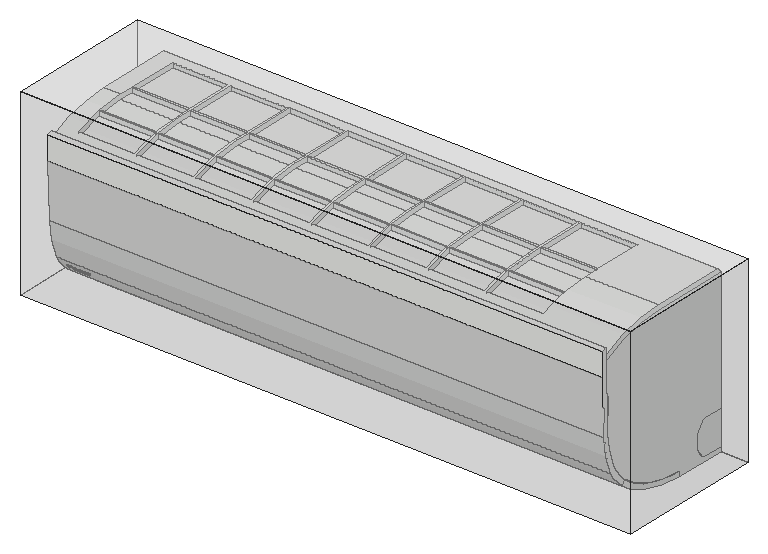
Revit family "outputfile", category 機械設備, Revit 2024 (continued)
Definition of nested family "DAIKIN_indoorunit_CTKM-RVMV"
  Automatic sketch dimensions
    Extrusion 22 sketch curve to Extrusion 22 sketch curve = 20.0 mm  (x2)
    Extrusion 22 sketch curve to level = 287.035 mm
    Extrusion 23 sketch curve to plane 1 "Center (Front/Back)" = 0.0 mm
    Extrusion 23 sketch curve to Extrusion 23 sketch curve = 20.0 mm  (x2)
    Extrusion 23 sketch curve to level = 287.035 mm
    plane 1 "Center (Front/Back)" to Extrusion 24 sketch curve = 0.0 mm  (x2)
    plane 3 "Center (Left/Right)" to Extrusion 24 sketch curve = 469.0 mm
    Extrusion 24 sketch curve to Extrusion 24 sketch curve = 20.0 mm  (x4)
    Extrusion 24 sketch curve to plane 3 "Center (Left/Right)" = 409.0 mm
  Nested families
    nested 1: "daikin_logo_plane_w40" at (-320, -198.871, -233.244) x (1, 0, 0) z (0, -0.7841, -0.6206), visible <- "switch_unit1_25-35", type "daikin_logo_plane_w40"
      with show_logo yes
    nested 2: "daikin_logo_plane_w40" at (-430, -237.74, -233.244) x (1, 0, 0) z (0, -0.7841, -0.6206), visible <- "switch_unit1_50-71", type "daikin_logo_plane_w40"
      with show_logo yes
  Definition of nested family "daikin_logo_plane_w40"
    Parameters (values of type "daikin_logo_plane_w40")
      width = 40.0 mm
      show_logo [instance] = yes
      material = none
      height = 0.0 mm
      depth = 0.0 mm
      Default Elevation = 1219.2 mm
    Reference planes
      plane 1 "Center (Front/Back)": y = 0
      plane 2: z = 0
      plane 3 "Center (Left/Right)": x = 0
      plane 4: z = 2
      plane 5 "left": x = -19
      plane 6: x = 19
    Forms (mm)
      Extrusion 1, solid, visible <- "show_logo"
        sketch origin (-19, 0, 0) x (1, 0, 0) y (0, 1, 0)
          loop
            line (8.902, -1.878) -> (7.789, -6.332) -> (11.13, -6.332)
            arc (11.13, -6.332) -> (12.454, -6.064) -> (13.472, -5.176) r 2.642
            arc (13.472, -5.176) -> (13.92, -4.02) -> (13.767, -2.79) r 2.537
            arc (13.767, -2.79) -> (13.452, -2.342) -> (12.982, -2.06) r 1.321
            arc (12.982, -2.06) -> (12.063, -1.902) -> (11.13, -1.878) r 6.479
            line (11.13, -1.878) -> (8.902, -1.878)
          loop
            line (10.016, -5.441) -> (10.907, -5.441)
            arc (10.907, -5.441) -> (11.591, -4.983) -> (11.988, -4.261) r 1.742
            spline (11.988, -4.261) -> (12.01, -4.155) -> (12.027, -4.03) -> (12.037, -3.893) -> (12.037, -3.747) -> (12.026, -3.598) -> (12.002, -3.451) -> (11.962, -3.31) -> (11.905, -3.181) -> (11.829, -3.069) -> (11.731, -2.978) -> (11.61, -2.913) -> (11.464, -2.88)
            line (11.464, -2.88) -> (10.573, -2.88) -> (10.016, -5.441)
          loop
            line (13.58, -6.332) -> (14.805, -6.332) -> (15.223, -5.553) -> (16.977, -5.553) -> (17.144, -6.332) -> (19.149, -6.332) -> (18.258, -1.878) -> (16.03, -1.878) -> (13.58, -6.332)
          loop
            line (16.476, -3.214) -> (15.76, -4.551) -> (16.762, -4.551) -> (16.476, -3.214)
          loop
            line (19.705, -6.332) -> (21.599, -6.332) -> (22.712, -1.878) -> (20.819, -1.878) -> (19.705, -6.332)
          loop
            line (22.712, -6.332) -> (24.606, -6.332) -> (24.908, -5.122) -> (25.831, -6.332) -> (28.17, -6.332) -> (26.388, -3.994) -> (28.949, -1.878) -> (26.945, -1.878) -> (25.401, -3.153) -> (25.719, -1.878) -> (23.826, -1.878) -> (22.712, -6.332)
          loop
            line (29.84, -1.878) -> (28.615, -6.332) -> (30.62, -6.332) -> (31.734, -1.878) -> (29.84, -1.878)
          loop
            line (31.734, -6.332) -> (33.07, -6.332) -> (33.7, -3.814) -> (34.518, -6.332) -> (36.745, -6.332) -> (37.859, -1.878) -> (36.523, -1.878) -> (35.845, -4.589) -> (34.963, -1.878) -> (32.847, -1.878) -> (31.734, -6.332)
        from 0 to 2
      Extrusion 2, solid, visible <- "show_logo"
        sketch origin (-19, 0, 0) x (1, 0, 0) y (0, 1, 0)
          loop
            line (8.7, 0) -> (4.235, 0) -> (0, -3.879) -> (0, -8) -> (8.7, 0)
        from 0 to 2
      Extrusion 3, solid, visible <- "show_logo"
        sketch origin (-19, 0, 0) x (1, 0, 0) y (0, 1, 0)
          loop
            line (0, 0) -> (0, -3.879) -> (4.235, 0) -> (0, 0)
        from 0 to 2
    Dimensions and locks
      plane 4 to plane 2 = 2.0 mm
      equal spacing: plane 5 "left", plane 3 "Center (Left/Right)", plane 6
      locked: plane 5 "left" to plane 6 at 38
      aligned and locked: level to plane 2
      aligned and locked: Extrusion 3 to plane 1 "Center (Front/Back)"  (x2)
      aligned and locked: Extrusion 2 to plane 1 "Center (Front/Back)"  (x2)
      aligned and locked: plane 4 to Extrusion 1
      aligned and locked: plane 4 to Extrusion 3
      aligned and locked: plane 4 to Extrusion 2
      aligned and locked: Extrusion 3 to plane 5 "left"
      aligned and locked: Extrusion 2 to plane 5 "left"
    Automatic sketch dimensions
      Extrusion 1 sketch curve to Extrusion 1 sketch curve = 0.901 mm
      Extrusion 1 sketch curve to Extrusion 1 sketch curve = 1.559 mm
      Extrusion 1 sketch curve to Extrusion 1 sketch curve = 1.327 mm
      Extrusion 1 sketch curve to Extrusion 1 sketch curve = 2.145 mm
      Extrusion 1 sketch curve to Extrusion 1 sketch curve = 1.448 mm
      Extrusion 1 sketch curve to Extrusion 1 sketch curve = 2.116 mm
      Extrusion 1 sketch curve to Extrusion 1 sketch curve = 1.114 mm  (x4)
      Extrusion 1 sketch curve to Extrusion 1 sketch curve = 1.336 mm  (x2)
      plane 1 "Center (Front/Back)" to Extrusion 1 sketch curve = 1.878 mm  (x5)
      Extrusion 1 sketch curve to Extrusion 1 sketch curve = 1.893 mm  (x5)
      Extrusion 1 sketch curve to Extrusion 1 sketch curve = 0.891 mm  (x4)
      Extrusion 1 sketch curve to Extrusion 1 sketch curve = 2.005 mm  (x3)
      Extrusion 1 sketch curve to Extrusion 1 sketch curve = 0.445 mm  (x2)
      plane 1 "Center (Front/Back)" to Extrusion 1 sketch curve = 3.994 mm
      Extrusion 1 sketch curve to Extrusion 1 sketch curve = 0.557 mm  (x2)
      Extrusion 1 sketch curve to Extrusion 1 sketch curve = 2.339 mm  (x2)
      Extrusion 1 sketch curve to Extrusion 1 sketch curve = 1.225 mm  (x3)
      plane 1 "Center (Front/Back)" to Extrusion 1 sketch curve = 3.153 mm
      Extrusion 1 sketch curve to Extrusion 1 sketch curve = 0.987 mm
      plane 1 "Center (Front/Back)" to Extrusion 1 sketch curve = 5.122 mm
      Extrusion 1 sketch curve to Extrusion 1 sketch curve = 0.922 mm
      plane 1 "Center (Front/Back)" to Extrusion 1 sketch curve = 6.332 mm
      Extrusion 1 sketch curve to Extrusion 1 sketch curve = 2.562 mm
      plane 1 "Center (Front/Back)" to Extrusion 1 sketch curve = 5.553 mm
      Extrusion 1 sketch curve to Extrusion 1 sketch curve = 0.167 mm
      Extrusion 1 sketch curve to Extrusion 1 sketch curve = 0.215 mm
      plane 1 "Center (Front/Back)" to Extrusion 1 sketch curve = 3.214 mm
      Extrusion 1 sketch curve to Extrusion 1 sketch curve = 0.286 mm
      plane 1 "Center (Front/Back)" to Extrusion 1 sketch curve = 4.551 mm
      Extrusion 1 sketch curve to Extrusion 1 sketch curve = 1.002 mm
      Extrusion 1 sketch curve to Extrusion 1 sketch curve = 0.537 mm
      Extrusion 1 sketch curve to Extrusion 1 sketch curve = 0.418 mm
      Extrusion 1 sketch curve to Extrusion 1 sketch curve = 1.028 mm
      plane 1 "Center (Front/Back)" to Extrusion 1 sketch curve = 4.261 mm
      Extrusion 1 sketch curve to Extrusion 1 sketch curve = 0.563 mm
      plane 1 "Center (Front/Back)" to Extrusion 1 sketch curve = 2.88 mm
      Extrusion 1 sketch curve to Extrusion 1 sketch curve = 1.088 mm
      Extrusion 1 sketch curve to Extrusion 1 sketch curve = 2.152 mm
      Extrusion 1 sketch curve to Extrusion 1 sketch curve = 0.586 mm
      Extrusion 1 sketch curve to Extrusion 1 sketch curve = 0.118 mm
      Extrusion 1 sketch curve to Extrusion 1 sketch curve = 0.298 mm
      Extrusion 1 sketch curve to Extrusion 1 sketch curve = 0.334 mm
      Extrusion 1 sketch curve to Extrusion 1 sketch curve = 0.223 mm
      Extrusion 1 sketch curve to Extrusion 1 sketch curve = 0.266 mm
      Extrusion 1 sketch curve to Extrusion 1 sketch curve = 1.671 mm
      Extrusion 1 sketch curve to Extrusion 1 sketch curve = 2.227 mm
      Extrusion 1 sketch curve to Extrusion 1 sketch curve = 0.0 mm  (x7)
      Extrusion 1 sketch curve to Extrusion 1 sketch curve = 3.453 mm
      Extrusion 1 sketch curve to Extrusion 1 sketch curve = 2.017 mm
      Extrusion 1 sketch curve to Extrusion 1 sketch curve = 0.78 mm  (x2)
      Extrusion 1 sketch curve to Extrusion 1 sketch curve = 1.743 mm
      Extrusion 1 sketch curve to Extrusion 1 sketch curve = 0.775 mm
      Extrusion 1 sketch curve to Extrusion 1 sketch curve = 0.552 mm
      Extrusion 1 sketch curve to Extrusion 1 sketch curve = 0.014 mm
      Extrusion 1 sketch curve to Extrusion 1 sketch curve = 0.952 mm
      Extrusion 1 sketch curve to Extrusion 1 sketch curve = 1.215 mm
      Extrusion 1 sketch curve to Extrusion 1 sketch curve = 0.108 mm
      plane 1 "Center (Front/Back)" to Extrusion 2 sketch curve = 0.0 mm
      Extrusion 2 sketch curve to plane 3 "Center (Left/Right)" = 19.0 mm
      Extrusion 2 sketch curve to plane 3 "Center (Left/Right)" = 14.765 mm
      Extrusion 2 sketch curve to Extrusion 2 sketch curve = 4.465 mm
      plane 1 "Center (Front/Back)" to Extrusion 2 sketch curve = 3.879 mm
      Extrusion 2 sketch curve to Extrusion 2 sketch curve = 4.12 mm
      plane 1 "Center (Front/Back)" to Extrusion 3 sketch curve = 0.0 mm
      Extrusion 3 sketch curve to plane 3 "Center (Left/Right)" = 19.0 mm
      Extrusion 3 sketch curve to plane 3 "Center (Left/Right)" = 14.765 mm
      plane 1 "Center (Front/Back)" to Extrusion 3 sketch curve = 3.879 mm
      Extrusion 1 sketch curve to plane 3 "Center (Left/Right)" = 11.211 mm
      Extrusion 1 sketch curve to Extrusion 1 sketch curve = 1.782 mm
Definition of nested family "daikin_connector_rotate3"
  Parameters (values of type "daikin_connector_rotate3")
    show [instance] = yes
    radius [instance] = 10.0 mm
    length [instance] = 600.0 mm
    angle_horizontal [instance] = 60.00°
    angle_vertical [instance] = 90.00°
    Default Elevation = 1219.2 mm
  Reference planes
    plane 1 "Center (Front/Back)": y = 0
    plane 2: z = 0
    plane 3 "Center (Left/Right)": x = 0
  Dimensions and locks
    "angle_horizontal": angle plane 3 "Center (Left/Right)" to nested 1
    aligned and locked: level to plane 2
    aligned and locked: plane 1 "Center (Front/Back)" to nested 1  (x2)
    aligned and locked: plane 3 "Center (Left/Right)" to nested 1
  Nested families
    nested 1: "daikin_connector_rotate2" at (0, 0, 0) x (0.5, 0.866, 0) z (0, 0, 1), angle_vertical <- "angle_vertical", length <- "length", radius <- "radius", type "daikin_connector_rotate2"
      with radius 10.0 mm, length 600.0 mm, angle_vertical 90.00°
  Definition of nested family "daikin_connector_rotate2"
    Parameters (values of type "daikin_connector_rotate2")
      show_face = yes
      radius [instance] = 10.0 mm
      length [instance] = 600.0 mm
      d_surface = 10.0 mm
      angle_vertical [instance] = 90.00°
      Default Elevation = 0.0 mm
    Reference planes
      plane 1 "Center (Front/Back)": y = 0
      plane 2: z = 0
      plane 3 "Center (Left/Right)": x = 0
    Forms (mm)
      Extrusion 1, solid, visible <- "show_face"
        sketch origin (0, -600, 0) x (1, 0, 0) y (0, 0, 1)
          loop
            circle (0, 0) r 10
        from 0 to -10
    Lines and regions (mm)
      reference lines
        curve 1: line (0, 0, 0) -> (0, -600, 0)
      symbolic lines
        curve 2: circle (0, 0, 0) r 5 normal (0, 0, 1)
      model lines, visible <- "show_face"
        curve 3: line (0, 0, 0) -> (0, -600, 0)
    Dimensions and locks
      "length": curve 1 to curve 1
      "length": curve 3 to curve 3
      "d_surface": Extrusion 1 to Extrusion 1
      "radius": radius of Extrusion 1 sketch curve
      "angle_vertical": angle curve 1 to plane 1 "Center (Front/Back)"
      "angle_vertical": angle curve 3 to plane 1 "Center (Front/Back)"
      aligned and locked: level to plane 2
      aligned and locked: plane 1 "Center (Front/Back)" to curve 1
      aligned and locked: plane 2 to curve 1
      aligned and locked: plane 1 "Center (Front/Back)" to curve 2
      aligned and locked: plane 3 "Center (Left/Right)" to curve 2
      aligned and locked: plane 1 "Center (Front/Back)" to curve 3
      aligned and locked: plane 2 to curve 3
      aligned and locked: Extrusion 1 to Extrusion 1
    Automatic sketch dimensions
      Extrusion 1 sketch curve to level = 0.0 mm
      Extrusion 1 sketch curve to plane 3 "Center (Left/Right)" = 0.0 mm
      radius of curve 2 = 5.0 mm
